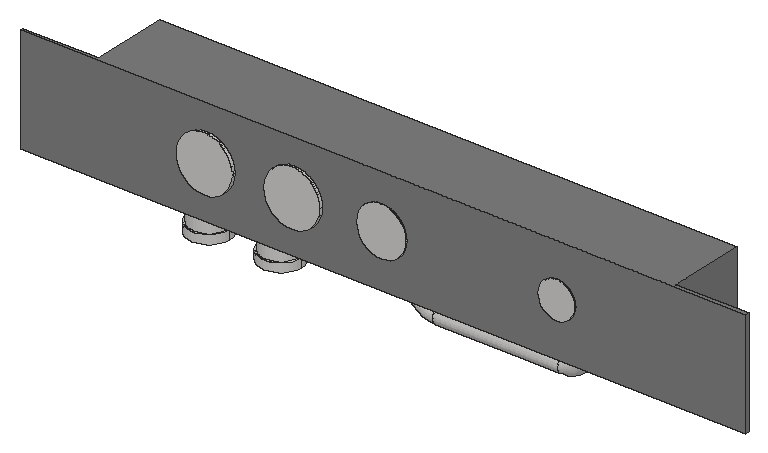
Revit family "5400FVA4", category Generic Models, Revit 2021
Family settings
  Can host rebar = No
  Round Connector Dimension = Use Diameter
  Part Type = Normal
  Work Plane-Based = No
  Always vertical = Yes
  Cut with Voids When Loaded = No
  Shared = No
  Room Calculation Point = No
Parameters (values of type "Standard")
  e-mail = "info@vola.com"
  URL = "http://vola.com"
  Telephone = "+45 7023 5500"
  Quality management standard = "ISO 9001"
  Organisation no. / DUNS no. = "17531328"
  Occupational health and safety management standard = "ISO 18001"
  Mounting Instructions = "http://vola.com/service/producturl.ashx?name=5400FV"
  Model = "5400FVA4"
  Materials and components information = "http://vola.com/service/producturl.ashx?name=5400FV"
  Manufacturer = "VOLA A/S"
  Maintenance Instructions = "http://vola.com/service/producturl.ashx?name=5400FV"
  Guarantee = "2 years"
  Flow = "43,00 l/min"
  Environmental management standard = "ISO 14000"
  Default Elevation = 0.00 mm
  Connection - All relevant connections = ""
  Approvals = "http://vola.com/service/producturl.ashx?name=5400FV"
Reference planes
  plane 1 "Center (Front/Back)": y = 0
  plane 2: z = 0
  plane 3 "Center (Left/Right)": x = 0
  plane 4 "Inlet Center Plane": y = -29
  plane 5: z = 85
Forms (mm)
  Extrusion 1, solid, material "Default"
    sketch origin (10, 0, 16) x (1, 0, 0) y (0, 1, 0)
      loop
        line (-147.5, 0) -> (-147.5, -69) -> (366.5, -69) -> (366.5, 0) -> (-147.5, 0)
    from 21.5 to 116.5
  Extrusion 2, solid, material "Default"
    sketch origin (10, -1, 16) x (1, 0, 0) y (0, 1, 0)
      loop
        line (-215, -68) -> (-215, -70.5) -> (431.5, -70.5) -> (431.5, -68) -> (-215, -68)
    from 21.5 to 116.5
  Extrusion 3, solid, material "Stainless Steel"
    sketch origin (-59, -4, 37.5) x (0, 1, 0) y (1, 0, 0)
      loop
        circle (-25, -12) r 16.5
    from 0 to 29.77
  Extrusion 4, solid, material "Stainless Steel"
    sketch origin (5, -4, 37.5) x (0, 1, 0) y (1, 0, 0)
      loop
        circle (-25, -12) r 16.5
    from 0 to 29.77
  Extrusion 5, solid, material "Stainless Steel"
    sketch origin (-51.5, -71.5, 16) x (-1, 0, 0) y (0, 0, -1)
      loop
        circle (-12.5, -69) r 24.89
    from 0 to 2.5
  Extrusion 6, solid, material "Stainless Steel"
    sketch origin (26.5, -71.5, 16) x (-1, 0, 0) y (0, 0, -1)
      loop
        circle (-12.5, -69) r 24.89
    from 0 to 2.5
  Extrusion 7, solid, material "Stainless Steel"
    sketch origin (65.5, -71.5, 16) x (-1, 0, 0) y (0, 0, -1)
      loop
        circle (-51.5, -69) r 22
    from 0 to 0.26
  Extrusion 8, solid, material "Stainless Steel"
    sketch origin (-59, -4, 7.73) x (-1, 0, 0) y (0, 1, 0)
      loop
        circle (12, -25) r 18.5
    from 0 to 7.73
  Extrusion 9, solid, material "Stainless Steel"
    sketch origin (5, -4, 7.73) x (-1, 0, 0) y (0, 1, 0)
      loop
        circle (12, -25) r 18.5
    from 0 to 7.73
  Extrusion 10, solid, material "Stainless Steel"
    sketch origin (221.5, -71.5, 16) x (-1, 0, 0) y (0, 0, -1)
      loop
        circle (-51.5, -69) r 16.5
    from 0 to 0.26
  Sweep 11, solid, material "Stainless Steel"
    path origin (92, -35.26, 1219.2) x (-1, 0, 0) y (0, 0, 1)
      loop
        line (-25, -1181.7) -> (-25, -1186.2)
        arc (-25, -1186.2) -> (-31.59, -1202.11) -> (-47.5, -1208.7) r 22.5
        line (-47.5, -1208.7) -> (-158.5, -1208.7)
        arc (-158.5, -1208.7) -> (-174.41, -1202.11) -> (-181, -1186.2) r 22.5
        line (-181, -1186.2) -> (-181, -1181.7)
    profile origin (117, -35.26, 35.25) x (0, 1, 0) y (-1, 0, 0)
      loop
        circle (0, 0) r 7.5
Cuts and joins
  joined: Extrusion 1, Extrusion 2
Lines and regions (mm)
  reference lines
    curve 1: line (117, -29, 85) -> (117, -121.5, 85)
    curve 2: line (39, -29, 85) -> (39, -121.5, 85)
    curve 3: line (-39, -29, 85) -> (-39, -121.5, 85)
    curve 4: line (-71, -29, 85) -> (-71, -29, -14)
    curve 5: line (-7, -29, 85) -> (-7, -29, -14)
    curve 6: line (273, -29, 85) -> (273, -121.5, 85)
    curve 7: line (117, -35.26, 182.5) -> (117, -35.26, 37.5)
Dimensions and locks
  aligned and locked: plane 2 to level
  aligned and locked: Extrusion 1 to Extrusion 2
  aligned and locked: Extrusion 2 to Extrusion 1
